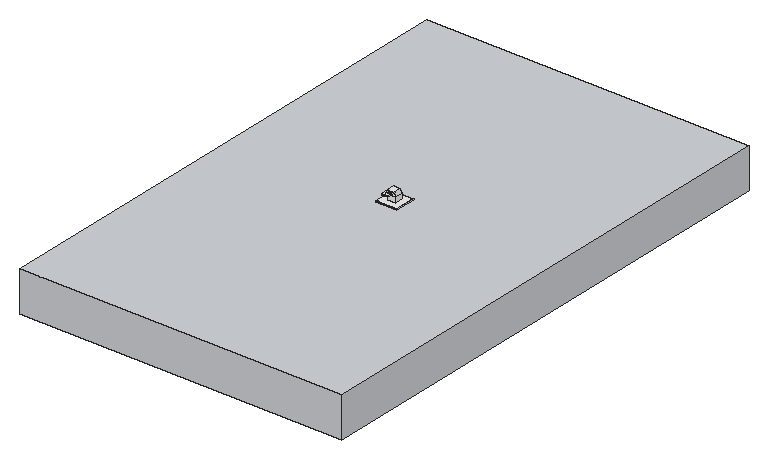
Revit family "Trim-Wall_Hung-Grohe-Eurocube-14469000", category Plumbing Fixtures, host Face, Revit 2014
Parameters (values of type "14469000")
  Width = 6 1/4"  # constant formula
  Waste Connection = no
  Warranty Documentation Link = "https://cdn.cloud.grohe.com/tpi/1000/1900/1940/1949/1949006/original/1949006.pdf"
  WFU = 4  # constant formula
  Vent Connection = no
  URL = "https://www.grohe.us/"
  Type Comments = ""
  Tempered Connection Radius = Tempered Connection Diameter / 2  # 1/4"
  Tempered Connection Diameter = Hot Water Connection Diameter  # 1/2"
  Product Page URL = ""
  Price = "Prices may vary. Please consult Manufacturer Representative for most up-to-date price list."  # constant formula
  Model = "14469000"
  Material = "Brass-Grohe-000-Starlight Chrome"
  Manufacturer = "Grohe"
  Length = 3 1/4"  # constant formula
  Installation Type = "Wall Mounted"
  Hot Water Connection Radius = Hot Water Connection Diameter / 2  # 1/4"
  Hot Water Connection Diameter = Cold Water Connection Diameter  # 1/2"
  Height = 6 1/2"  # constant formula
  HWFU = 3  # constant formula
  HW Connection = yes
  Flow Rate = ""
  Finish = Brass-Grohe-000-Starlight Chrome
  Description = "Eurocube Pressure Balance Trim with Cartridge"  # constant formula
  Default Elevation = 44"  # constant formula
  Creation Date = "03/11/2020"  # constant formula
  Cold Water Connection Radius = 1/4"  # constant formula
  Cold Water Connection Diameter = Cold Water Connection Radius * 2  # 1/2"
  CWFU = 3  # constant formula
  CW Connection = yes
  Assembly Code = "D2010710"
  ADA Compliant = yes
Reference planes (in)
  plane 1 "Center (Front/Back)": y = 0
  plane 2: z = 0
  plane 3 "Center (Left/Right)": x = 0
  plane 4: x = -1.21875
  plane 5: x = 1.21875
  plane 6: y = 3.625
  plane 7: y = -3.625
  plane 8: z = 0.5625
  plane 9: x = 3.125
  plane 10: x = -3.125
  plane 11: z = 3.25
Forms (in)
  Extrusion 1, solid
    sketch origin (0, 0, 0) x (1, 0, 0) y (0, 1, 0)
      loop
        line (-48, 72) -> (-48, -79.70833) -> (48, -79.70833) -> (48, 72) -> (-48, 72)
    from 0 to -12
  Extrusion 2, solid, material "Brass-Grohe-000-Starlight Chrome" <- "Finish"
    sketch origin (0, 0, 0) x (1, 0, 0) y (0, 1, 0)
      loop
        circle (-0.85968, 0) r 0.25
      loop
        circle (0.85968, 0) r 0.25
    from 0 to 0.0625
  Extrusion 3, solid, material "Brass-Grohe-000-Starlight Chrome" <- "Finish"
    sketch origin (0, 0, -0.37945) x (1, 0, 0) y (0, 1, 0)
      loop
        line (-1.11505, 1.11505) -> (-1.11505, -1.11505) -> (1.11505, -1.11505) -> (1.11505, 1.11505) -> (-1.11505, 1.11505)
    from 0 to 2.27602
  Blend 4, solid, material "Brass-Grohe-000-Starlight Chrome" <- "Finish"
    base sketch origin (0, 0, -0.37945) x (1, 0, 0) y (0, 1, 0)
      loop
        line (-1.11505, 1.11505) -> (-1.11505, -1.11505) -> (1.11505, -1.11505) -> (1.11505, 1.11505) -> (-1.11505, 1.11505)
    top sketch origin (0, 0, -0.37945) x (1, 0, 0) y (0, 1, 0)
      loop
        line (-0.92256, 0.92324) -> (-0.92256, -0.90447) -> (0.91323, -0.90447) -> (0.91323, 0.92324) -> (-0.92256, 0.92324)
    from 2.30368 to 3.62945
  Extrusion 5, solid, material "Brass-Grohe-000-Starlight Chrome" <- "Finish"
    sketch origin (0, 0, -0.37945) x (1, 0, 0) y (0, 1, 0)
      loop
        line (-0.92256, 0.92324) -> (-0.92256, -3.625) -> (0.91323, -3.625) -> (0.91323, 0.92324) -> (-0.92256, 0.92324)
      loop
        arc (-0.41089, -1.61614) -> (-0.55539, -1.67599) -> (-0.61524, -1.82049) r 0.20435
        line (-0.61524, -1.82049) -> (-0.61524, -2.63608)
        arc (-0.61524, -2.63608) -> (-0.56341, -2.76121) -> (-0.43828, -2.81304) r 0.17696
        line (-0.43828, -2.81304) -> (0.45513, -2.81304)
        arc (0.45513, -2.81304) -> (0.5446, -2.77598) -> (0.58166, -2.68651) r 0.12653
        line (0.58166, -2.68651) -> (0.58166, -1.78202)
        arc (0.58166, -1.78202) -> (0.53308, -1.66472) -> (0.41578, -1.61614) r 0.16588
        line (0.41578, -1.61614) -> (-0.41089, -1.61614)
    from 3.10927 to 3.62945
  Extrusion 6, void
    sketch origin (0, 0, -0.37945) x (0, 1, 0) y (0, 0, 1)
      loop
        line (-3.71875, 3.41756) -> (-3.71875, 2.82556) -> (-0.48382, 2.82556) -> (-0.54115, 2.96061)
        arc (-0.54115, 2.96061) -> (-0.81758, 3.29297) -> (-1.23153, 3.41756) r 0.75
        line (-1.23153, 3.41756) -> (-3.71875, 3.41756)
    from -1.11505 to 1.11505
  Revolve 7, solid, material "Brass-Grohe-000-Starlight Chrome" <- "Finish"
    sketch origin (0, 0, -0.37945) x (0, 1, 0) y (0, 0, 1)
      loop
        arc (0.92908, 2.19416) -> (0.58198, 2.70035) -> (0, 2.8953) r 0.96614
        line (0, 2.8953) -> (0, 2.05368) -> (0.92908, 2.05368) -> (0.92908, 2.19416)
      axis (0, 2.8953) -> (0, 2.05368)
    angle from 0 to 360
  Sweep 8, solid, material "Brass-Grohe-000-Starlight Chrome" <- "Finish"
    path origin (0, 0, 0) x (1, 0, 0) y (0, 1, 0)
      loop
        line (-3.125, 3.125) -> (-3.125, -3.125) -> (3.125, -3.125) -> (3.125, 3.125) -> (-3.125, 3.125)
    profile origin (0, 3.125, 0) x (0, 1, 0) y (0, 0, 1)
      loop
        line (0, 0) -> (0, 0.323) -> (-0.052, 0.375) -> (-2.63901, 0.375) -> (-2.63901, 0) -> (0, 0)
Cuts and joins
  Extrusion 6 cuts Extrusion 5
  joined: Blend 4, Extrusion 5
  joined: Extrusion 3, Sweep 8
Lines and regions (in)
  Masking region 1
    outline origin (0, 0, 0) x (1, 0, 0) y (0, 0, 1)
      loop
        line (3.125, 0) -> (3.125, 0.323) -> (3.073, 0.375) -> (1.11505, 0.375) -> (1.11505, 1.89657) -> (1.00839, 1.89657) -> (0.95843, 1.92423) -> (1.11505, 1.92423) -> (0.91323, 3.25) -> (-0.91323, 3.25) -> (-1.11505, 1.92423) -> (-0.95843, 1.92423) -> (-1.00839, 1.89657) -> (-1.11505, 1.89657) -> (-1.11505, 0.375) -> (-3.073, 0.375) -> (-3.125, 0.323) -> (-3.125, 0) -> (3.125, 0)
  symbolic lines, detail levels medium+fine
    curve 1: line (1.11505, 0, 0.375) -> (-1.11505, 0, 0.375)
  symbolic lines, detail levels fine
    curve 2: line (1.00839, 0, 1.89657) -> (-1.00839, 0, 1.89657)
    curve 3: line (0.95843, 0, 1.92423) -> (-0.95843, 0, 1.92423)
    curve 4: line (3.125, 0, 0.323) -> (-3.125, 0, 0.323)
Dimensions and locks (in)
  equal spacing: plane 6, plane 1 "Center (Front/Back)", plane 7
  plane 6 to plane 7 = 7 1/4"
  plane 8 to level = 9/16"
  equal spacing: plane 10, plane 3 "Center (Left/Right)", plane 9
  plane 10 to plane 9 = 6 1/4"
  "Hot Water Connection Diameter": diameter of Extrusion 2 sketch curve
  "Cold Water Connection Diameter": diameter of Extrusion 2 sketch curve
  aligned and locked: plane 2 to Extrusion 1
  aligned and locked: level to Extrusion 1
Automatic sketch dimensions
  Extrusion 1 sketch curve to Extrusion 1 sketch curve = 96"
  Extrusion 1 sketch curve to Extrusion 1 sketch curve = 151.70833"
  plane 1 "Center (Front/Back)" to Extrusion 2 sketch curve = 0"  (x2)
  plane 4 to Extrusion 2 sketch curve = 0.35907"
  plane 5 to Extrusion 2 sketch curve = 0.35907"
  plane 4 to Extrusion 3 sketch curve = 0.1037"
  plane 5 to Extrusion 3 sketch curve = 0.1037"
  plane 1 "Center (Front/Back)" to Extrusion 3 sketch curve = 1.11505"
  Extrusion 3 sketch curve to plane 1 "Center (Front/Back)" = 1.11505"
  plane 4 to Blend 4 sketch curve = 0.1037"
  plane 5 to Blend 4 sketch curve = 0.1037"
  plane 1 "Center (Front/Back)" to Blend 4 sketch curve = 1.11505"
  Blend 4 sketch curve to plane 1 "Center (Front/Back)" = 1.11505"
  plane 4 to Blend 4 sketch curve = 0.29619"
  plane 5 to Blend 4 sketch curve = 0.30552"
  plane 1 "Center (Front/Back)" to Blend 4 sketch curve = 0.90447"
  Blend 4 sketch curve to plane 1 "Center (Front/Back)" = 0.92324"
  Extrusion 5 sketch curve to plane 7 = 0"
  plane 4 to Extrusion 5 sketch curve = 0.29619"
  plane 4 to Extrusion 5 sketch curve = 0.60351"
  Extrusion 5 sketch curve to Extrusion 5 sketch curve = 0.17696"
  Extrusion 5 sketch curve to Extrusion 5 sketch curve = 0.20435"
  plane 3 "Center (Left/Right)" to Extrusion 5 sketch curve = 0.41578"
  plane 3 "Center (Left/Right)" to Extrusion 5 sketch curve = 0.45513"
  Extrusion 5 sketch curve to Extrusion 5 sketch curve = 0.12653"
  plane 5 to Extrusion 5 sketch curve = 0.30552"
  plane 7 to Extrusion 5 sketch curve = 0.81196"
  Extrusion 5 sketch curve to Extrusion 5 sketch curve = 0.81559"
  Extrusion 5 sketch curve to plane 1 "Center (Front/Back)" = 0.92324"
  Extrusion 6 sketch curve to plane 7 = 3/32"
  Extrusion 6 sketch curve to plane 11 = 0.21189"
  plane 1 "Center (Front/Back)" to Extrusion 6 sketch curve = 1.23153"
  plane 1 "Center (Front/Back)" to Extrusion 6 sketch curve = 0.54115"
  Extrusion 6 sketch curve to Extrusion 6 sketch curve = 0.05733"
  Extrusion 6 sketch curve to plane 11 = 0.66885"
  Extrusion 6 sketch curve to Extrusion 6 sketch curve = 0.592"
  Revolve 7 sketch curve to plane 1 "Center (Front/Back)" = 0"  (x2)
  Revolve 7 sketch curve to Revolve 7 sketch curve = 0.92908"
  plane 8 to Revolve 7 sketch curve = 0.98721"
  Revolve 7 sketch curve to Revolve 7 sketch curve = 0.12451"
  Revolve 7 sketch curve to Revolve 7 sketch curve = 0.14049"
  Revolve 7 sketch curve to plane 11 = 0.29796"
  Revolve 7 sketch curve to plane 11 = 0.126"
  Sweep 8 sketch curve to plane 10 = 0"
  Sweep 8 sketch curve to plane 9 = 0"
  plane 7 to Sweep 8 sketch curve = 1/2"
  plane 6 to Sweep 8 sketch curve = 1/2"
  Sweep 8 sketch curve to level = 0"
  Sweep 8 sketch curve to profile plane = 0"
  profile plane to Sweep 8 sketch curve = 2.63901"
  level to Sweep 8 sketch curve = 3/8"
  profile plane to Sweep 8 sketch curve = 0.052"
  Sweep 8 sketch curve to Sweep 8 sketch curve = 0.052"
  Masking region 1 sketch curve to plane 10 = 0"
  Masking region 1 sketch curve to plane 8 = 3/16"
  Masking region 1 sketch curve to plane 11 = 0"
  Masking region 1 sketch curve to level = 0"
  plane 9 to Masking region 1 sketch curve = 0"
  plane 10 to Masking region 1 sketch curve = 0.052"
  Masking region 1 sketch curve to Masking region 1 sketch curve = 0"
  Masking region 1 sketch curve to Masking region 1 sketch curve = 0.10666"
  Masking region 1 sketch curve to Masking region 1 sketch curve = 0.04996"  (x2)
  plane 4 to Masking region 1 sketch curve = 0.30552"
  plane 5 to Masking region 1 sketch curve = 0.30552"
  plane 5 to Masking region 1 sketch curve = 0.26032"
  plane 5 to Masking region 1 sketch curve = 0.1037"  (x2)
  plane 9 to Masking region 1 sketch curve = 0.052"
  Masking region 1 sketch curve to plane 8 = 0.2395"
  Masking region 1 sketch curve to Masking region 1 sketch curve = 0.052"  (x2)
  plane 8 to Masking region 1 sketch curve = 1.33407"  (x2)
  Masking region 1 sketch curve to Masking region 1 sketch curve = 0.02765"  (x2)
  plane 4 to Masking region 1 sketch curve = 0.1037"
  curve 4 to plane 10 = 0"
  plane 9 to curve 4 = 0"
  curve 4 to plane 8 = 0.2395"
  plane 4 to curve 1 = 0.1037"
  plane 4 to curve 2 = 0.21036"
  curve 2 to curve 3 = 0.04996"
  plane 5 to curve 3 = 0.26032"
  curve 3 to curve 2 = 0.04996"
  plane 5 to curve 1 = 0.1037"
  curve 1 to plane 8 = 3/16"
  plane 8 to curve 2 = 1.33407"
  curve 2 to curve 3 = 0.02765"
Connectors (in)
  piping at (-0.85968, 0, 0), diameter 0.5, driven by "Hot Water Connection Diameter"
    settings: on Extrusion 2, index 1, connector inside diameter 24", connector length 0", flow factor 0, pipe flow 0 GPM, pressure drop 0.00 psi, fitting loss kfactor 0, connector angle 0.00°, fixture units 0, engagement length 0", angle of deflection 0.00°, flow configuration 0, flow direction 1, fitting loss method 0, system type 19, joint type 0, gender type 0, connector reference index -1, connector utility 0, adjustable connector no, is connector primary yes, connector description "1/2\" NPT HW Inlet"
  piping at (0.85968, 0, 0), diameter 0.5, driven by "Cold Water Connection Diameter"
    settings: on Extrusion 2, index 2, connector inside diameter 24", connector length 0", flow factor 0, pipe flow 0 GPM, pressure drop 0.00 psi, fitting loss kfactor 0, connector angle 0.00°, fixture units 0, engagement length 0", angle of deflection 0.00°, flow configuration 0, flow direction 1, fitting loss method 0, system type 20, joint type 0, gender type 0, connector reference index -1, connector utility 0, adjustable connector no, is connector primary no, connector description "1/2\" NPT CW Inlet"
